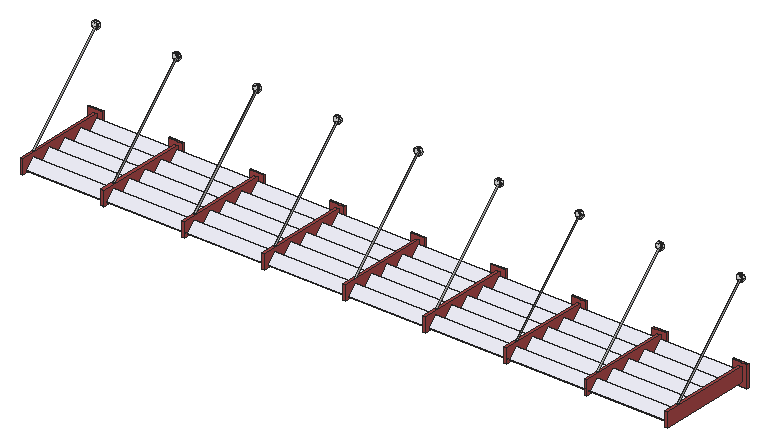
Revit family "racadvancedsamplefamily", category Generic Models, Revit 2021
Family settings
  Can host rebar = No
  Round Connector Dimension = Use Diameter
  Part Type = Normal
  Cut with Voids When Loaded = No
  Shared = No
  Room Calculation Point = No
Parameters (values of type "M_Solar_Shade_Complete")
  Window_Sill_Height [instance] = 1000 mm
  Support_Length [instance] = roundup((Shadow_Length / 1 mm) * tan(Rel_Angle)) * 1 mm  # 653 mm
  Support_Hanger [instance] = Support_Length > 400 mm  # yes
  Sun_Angle [instance] = 65.00°
  Shadow_Length [instance] = Mounting_Height - Window_Sill_Height  # 1400 mm
  Shade_Factor [instance] = if(Desired_Shading_Percent < 65, "Low", if(Desired_Shading_Percent < 79, "Med.", if(Desired_Shading_Percent < 99, "High", "Max.")))  # "Med."
  Rel_Angle [instance] = 90.00° - Sun_Angle  # 25.00°
  Number of Supports [instance] = ([built-in parameter 1001306] / Max_Support_Spacing) + 1  # 9
  Mounting_Height [instance] = 2400 mm
  Max_Support_Spacing [instance] = 600 mm
  Max Louver Spacing [instance] = Support_Length - (Support_Length * (Desired_Shading_Percent * 0.01))  # 163.25 mm
  Louver Number [instance] = (Support_Length / Max Louver Spacing) + 1  # 5
  built-in parameter 1001306 [instance] = 4500 mm
  Desired_Shading_Percent [instance] = 75
  Default Elevation = 0 mm
  Assembly Code = ""
Reference planes
  plane 1 "Center (Front/Back)": y = 0
  plane 2: z = 0
  plane 3 "Left": x = 0
  plane 4 "Right": x = 4500
  plane 5: z = 2400
  plane 6: y = -653
  plane 7: y = -603
  plane 8: y = -50
Lines and regions (mm)
  reference lines
    curve 1: line (0, 0, 0) -> (4500, 0, 0)
  symbolic lines, style "Overhead"
    curve 2: line (0, -653, 0) -> (4500, -653, 0)
Dimensions and locks
  "built-in parameter 1001306": plane 3 "Left" to plane 4 "Right"
  "Mounting_Height": plane 5 to level
  "Support_Length": plane 6 to plane 1 "Center (Front/Back)"
  equal spacing: group 1, group 3, group 4, group 5, group 6, group 9, group 10, group 11, group 2  (x3)
  locked: plane 6 to plane 7 at 50
  locked: plane 8 to plane 1 "Center (Front/Back)" at 50
  equal spacing: group 7, group 12, group 13, group 14, group 8  (x2)
  equal spacing: group 8, group 14, group 13, group 12, group 7
  aligned and locked: plane 4 "Right" to curve 1
  aligned and locked: plane 1 "Center (Front/Back)" to curve 1
  aligned and locked: plane 3 "Left" to curve 1
  aligned and locked: plane 1 "Center (Front/Back)" to nested 1
  aligned and locked: plane 3 "Left" to nested 1
  aligned and locked: plane 5 to nested 1
  aligned and locked: nested 2 to plane 4 "Right"
  aligned and locked: nested 2 to plane 5
  aligned and locked: plane 3 "Left" to nested 5
  aligned and locked: plane 5 to nested 5
  aligned and locked: nested 5 to plane 8
  aligned and locked: nested 8 to plane 7
  aligned and locked: plane 5 to nested 8
  aligned and locked: plane 3 "Left" to curve 2
  aligned and locked: curve 2 to plane 4 "Right"
  aligned and locked: curve 2 to plane 6
Nested families
  nested 1: "Support Beam" at (0, 0, 2400), Hanger_Visible <- "Support_Hanger", type "Hung Support"
    with Hanger_Visible yes, Support Length 653 mm
  nested 2: "Support Beam" at (4500, 0, 2400), Hanger_Visible <- "Support_Hanger", type "Hung Support"
    with Hanger_Visible yes, Support Length 653 mm
  nested 3: "Support Beam" at (562.5, 0, 2400), Hanger_Visible <- "Support_Hanger", type "Hung Support"
    with Hanger_Visible yes, Support Length 653 mm
  nested 4: "Support Beam" at (1125, 0, 2400), Hanger_Visible <- "Support_Hanger", type "Hung Support"
    with Hanger_Visible yes, Support Length 653 mm
  nested 5: "Louver" at (0, -50, 2400), type "Louver"
    with Length 4500 mm
  nested 6: "Support Beam" at (1687.5, 0, 2400), Hanger_Visible <- "Support_Hanger", type "Hung Support"
    with Hanger_Visible yes, Support Length 653 mm
  nested 7: "Support Beam" at (2250, 0, 2400), Hanger_Visible <- "Support_Hanger", type "Hung Support"
    with Hanger_Visible yes, Support Length 653 mm
  nested 8: "Louver" at (0, -603, 2400), type "Louver"
    with Length 4500 mm
  nested 9: "Support Beam" at (2812.5, 0, 2400), Hanger_Visible <- "Support_Hanger", type "Hung Support"
    with Hanger_Visible yes, Support Length 653 mm
  nested 10: "Support Beam" at (3375, 0, 2400), Hanger_Visible <- "Support_Hanger", type "Hung Support"
    with Hanger_Visible yes, Support Length 653 mm
  nested 11: "Support Beam" at (3937.5, 0, 2400), Hanger_Visible <- "Support_Hanger", type "Hung Support"
    with Hanger_Visible yes, Support Length 653 mm
  nested 12: "Louver" at (0, -188.25, 2400), type "Louver"
    with Length 4500 mm
  nested 13: "Louver" at (0, -326.5, 2400), type "Louver"
    with Length 4500 mm
  nested 14: "Louver" at (0, -464.75, 2400), type "Louver"
    with Length 4500 mm
Definition of nested family "Support Beam"
  Parameters
    Support Length = 642 mm
    Mounting Height = 2400 mm
    Hanger_Visible [instance] = yes
    Default Elevation = 0 mm
    Assembly Code = ""
  Reference planes
    plane 1 "Center (Front/Back)": y = 0
    plane 2: z = 0
    plane 3 "Center (Left/Right)": x = 0
    plane 4 "Left Edge": x = -10
    plane 5 "Right Edge": x = 10
    plane 6: y = -642
    plane 7: y = -542
    plane 8: z = 600
    plane 9: z = -600
    plane 10: z = -2400
  Forms (mm)
    Extrusion 1, solid
      sketch origin (0, 0, 0) x (1, 0, 0) y (0, 0, 1)
        loop
          line (-50, 75) -> (-50, -75) -> (50, -75) -> (50, 75) -> (-50, 75)
      from 0 to 10
    Extrusion 2, solid
      sketch origin (-10, 0, 0) x (0, 1, 0) y (0, 0, 1)
        loop
          line (-642, 50) -> (-642, -50) -> (0, -50) -> (0, 50) -> (-642, 50)
      from 0 to 20
    Sweep 3, solid, visible <- "Hanger_Visible"
      path origin (0, 0, 0) x (0, 1, 0) y (0, 0, 1)
        loop
          line (-542, 50) -> (0, 600)
      profile origin (0, -271, 325) x (0, -0.712268, 0.701908) y (1, 0, 0)
        loop
          circle (0, 0) r 4
    Extrusion 4, solid, visible <- "Hanger_Visible"
      sketch origin (0, 0, 0) x (1, 0, 0) y (0, 0, 1)
        loop
          circle (0, 600) r 25
      from 0 to 10
    Extrusion 5, solid, visible <- "Hanger_Visible"
      sketch origin (0, 0, 0) x (1, 0, 0) y (0, 0, 1)
        loop
          circle (0, 600) r 19
      from 0 to 15
  Lines and regions (mm)
    symbolic lines
      curve 1: line (0, 0, 0) -> (0, -542, 0)
    model lines
      curve 2: line (0, 0, 0) -> (0, 0, -2400)
  Dimensions and locks
    "Support Length": plane 6 to plane 1 "Center (Front/Back)"
    locked: plane 6 to plane 7 at 100
    locked: plane 8 to level at 600
    locked: level to plane 9 at 600
    "Mounting Height": plane 2 to plane 10
    aligned and locked: plane 1 "Center (Front/Back)" to Extrusion 2 sketch curve
    aligned and locked: plane 6 to Extrusion 2 sketch curve
    aligned and locked: Extrusion 2 to Sweep 3 sketch curve
    aligned and locked: plane 1 "Center (Front/Back)" to Sweep 3 sketch curve
    aligned and locked: plane 1 "Center (Front/Back)" to curve 1
    aligned and locked: plane 7 to curve 1
    aligned and locked: curve 1 to plane 3 "Center (Left/Right)"
    aligned and locked: plane 2 to curve 2
    aligned and locked: plane 10 to curve 2
    aligned and locked: curve 2 to plane 3 "Center (Left/Right)"
  Automatic sketch dimensions
    Extrusion 1 sketch curve to plane 4 "Left Edge" = 40 mm
    plane 5 "Right Edge" to Extrusion 1 sketch curve = 40 mm
    Extrusion 1 sketch curve to level = 75 mm
    level to Extrusion 1 sketch curve = 75 mm
    Extrusion 2 sketch curve to level = 50 mm
    level to Extrusion 2 sketch curve = 50 mm
    Sweep 3 sketch curve to plane 7 = 0 mm
    Sweep 3 sketch curve to plane 8 = 0 mm
    Sweep 3 sketch curve to plane 3 "Center (Left/Right)" = 0 mm
    Sweep 3 sketch curve to profile plane = 0 mm
    Extrusion 4 sketch curve to plane 3 "Center (Left/Right)" = 0 mm
    Extrusion 4 sketch curve to plane 8 = 0 mm
    Extrusion 5 sketch curve to plane 3 "Center (Left/Right)" = 0 mm
    Extrusion 5 sketch curve to plane 8 = 0 mm
    radius of Sweep 3 sketch curve = 4 mm
    radius of Extrusion 4 sketch curve = 25 mm
    radius of Extrusion 5 sketch curve = 19 mm
Definition of nested family "Louver"
  Parameters
    Length = 1500 mm
    Default Elevation = 0 mm
  Reference planes
    plane 1 "Center (Front/Back)": y = 0
    plane 2: z = 0
    plane 3 "Center (Left/Right)": x = 0
    plane 4: x = 1500
  Forms (mm)
    Extrusion 1, solid
      sketch origin (0, 0, 0) x (0, 1, 0) y (0, 0, 1)
        loop
          line (-30.052, -30.052) -> (-22.981, -37.123) -> (37.123, 22.981) -> (30.052, 30.052) -> (-30.052, -30.052)
      from 0 to 1500
  Dimensions and locks
    "Length": plane 3 "Center (Left/Right)" to plane 4
    aligned and locked: plane 4 to Extrusion 1
  Automatic sketch dimensions
    plane 1 "Center (Front/Back)" to Extrusion 1 sketch curve = 30.052 mm
    Extrusion 1 sketch curve to Extrusion 1 sketch curve = 60.104 mm
    Extrusion 1 sketch curve to Extrusion 1 sketch curve = 7.071 mm  (x2)
    Extrusion 1 sketch curve to level = 37.123 mm
